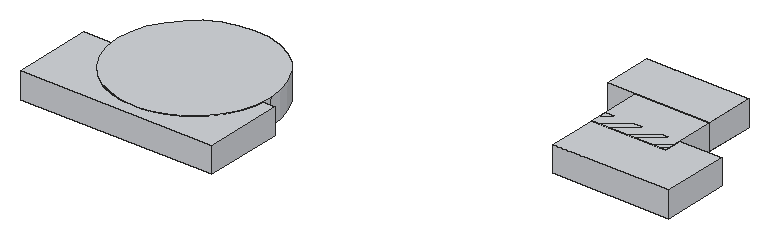
Revit family "Revit_Macro_Family_Samples", category Generic Models, Revit 2020
Family settings
  Can host rebar = No
  Round Connector Dimension = Use Diameter
  Part Type = Normal
  Work Plane-Based = No
  Always vertical = Yes
  Cut with Voids When Loaded = No
  Shared = No
  Room Calculation Point = No
Parameters
  angleee = 0.001°
  Shared_Number [instance] = 0
  Shared_Length [instance] = 0' - 0"
  Inttttt = 5
  FamilyParam2 [instance] = ""
  FamilyParam1 = ""
  Default Elevation = 0' - 0"
Reference planes (in)
  plane 1 "Center (Front/Back)": y = 0
  plane 2: z = 0
  plane 3 "Center (Left/Right)": x = 0
Forms (in)
  Extrusion 1, void
    sketch origin (-239.74321, 541.90752, 0) x (1, 0, 0) y (0, 1, 0)
      loop
        line (-11.88074, 41.21303) -> (-11.88074, 3.21303) -> (65.06563, 3.21303) -> (65.06563, 41.21303) -> (-11.88074, 41.21303)
    from 0 to 12
  Extrusion 2, void
    sketch origin (-239.74321, 541.90752, 0) x (1, 0, 0) y (0, 1, 0)
      loop
        line (12.4296, -12.97129) -> (12.4296, -74.97129) -> (60.4296, -74.97129) -> (60.4296, -12.97129) -> (12.4296, -12.97129)
    from 0 to 12
  Extrusion 3, solid
    sketch origin (210.89052, 423.59151, 0) x (1, 0, 0) y (0, 1, 0)
      loop
        line (-496.51448, 145.96961) -> (-496.51448, 123.08618) -> (-448.51448, 123.08618) -> (-448.51448, 145.96961) -> (-496.51448, 145.96961)
    from 0 to 12
  Extrusion 4, solid
    sketch origin (210.89052, 423.59151, 0) x (1, 0, 0) y (0, 1, 0)
      loop
        line (-483.20017, 97.17121) -> (-448.51448, 97.17121) -> (-448.51448, 145.96961) -> (-483.20017, 145.96961) -> (-483.20017, 97.17121)
    from 0 to 12
  Extrusion 5, solid
    sketch origin (210.89052, 423.59151, 0) x (1, 0, 0) y (0, 1, 0)
      loop
        line (-483.20017, 74.35284) -> (-428.71487, 74.35284) -> (-428.71487, 105.34472) -> (-483.20017, 105.34472) -> (-483.20017, 74.35284)
    from 0 to 12
  Extrusion 6, solid
    sketch origin (210.89052, 423.59151, 0) x (1, 0, 0) y (0, 1, 0)
      loop
        circle (-622.26297, 36.74085) r 36
    from 0 to 12
  Extrusion 7, solid
    sketch origin (210.89052, 423.59151, 0) x (1, 0, 0) y (0, 1, 0)
      loop
        line (-670.82189, 32.35284) -> (-670.82189, -4.93253) -> (-580.82189, -4.93253) -> (-580.82189, 32.35284) -> (-670.82189, 32.35284)
    from 0 to 12
